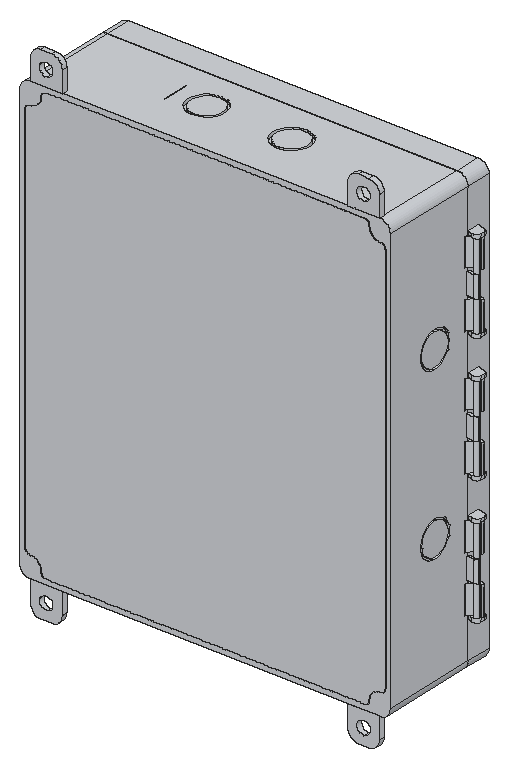
Revit family "Gas-Detectors-Control-Panel_GDCP-Touch_Brasch", category Generic Models, Revit 2023
Family settings
  Can host rebar = No
  Round Connector Dimension = Use Diameter
  Part Type = Normal
  Work Plane-Based = No
  Always vertical = Yes
  Cut with Voids When Loaded = No
  Maintain Annotation Orientation = No
  Shared = No
  Room Calculation Point = No
Parameters (values of type "GDCP-Touch, without any internal sensors")
  WIDTH = 8.72"
  URL = "https://braschenvtech.com/"
  Specification = "https://www.arcat.com/company/brasch-environmental-technologies-52580/spec"
  Product Page URL = "https://www.arcat.com/company/brasch-environmental-technologies-52580"
  Material = Gray
  Manufacturer = "Brasch Environmental Technologies"  # constant formula
  Keynote = "28 42 15"
  Input Voltage = "24 VAC"
  HEIGHT = 10.50"
  Default Elevation = 0.00"
  DEPTH = 2.90"
  Copyright = "@ARCAT"  # constant formula
  CAD Details = "https://www.arcat.com/company/brasch-environmental-technologies-52580/cad"
Reference planes (in)
  plane 1 "Center (Front/Back)": y = 0
  plane 2: z = 0
  plane 3 "Center (Left/Right)": x = 0
Forms (in)
  Extrusion 1, solid
    sketch origin (-4.37285, 0, 10.44843) x (0, 0, 1) y (-1, 0, 0)
      loop
        line (0.05157, -8.195) -> (0.05157, 0.025)
        arc (0.05157, 0.025) -> (-0.02165, 0.20178) -> (-0.19843, 0.275) r 0.25
        line (-0.19843, 0.275) -> (-10.19843, 0.275)
        arc (-10.19843, 0.275) -> (-10.37521, 0.20178) -> (-10.44843, 0.025) r 0.25
        line (-10.44843, 0.025) -> (-10.44843, -8.195)
        arc (-10.44843, -8.195) -> (-10.37521, -8.37178) -> (-10.19843, -8.445) r 0.25
        line (-10.19843, -8.445) -> (-0.19843, -8.445)
        arc (-0.19843, -8.445) -> (-0.02165, -8.37178) -> (0.05157, -8.195) r 0.25
      loop
        arc (-0.06843, -0.34997) -> (-0.10549, -0.26133) -> (-0.19462, -0.22546) r 0.12452
        arc (-0.19462, -0.22546) -> (-0.37407, -0.15113) -> (-0.44841, 0.02833) r 0.25379
        arc (-0.44841, 0.02833) -> (-0.48442, 0.1178) -> (-0.5734, 0.155) r 0.125
        line (-0.5734, 0.155) -> (-9.82346, 0.155)
        arc (-9.82346, 0.155) -> (-9.91244, 0.1178) -> (-9.94845, 0.02833) r 0.125
        arc (-9.94845, 0.02833) -> (-10.02279, -0.15113) -> (-10.20225, -0.22546) r 0.25379
        arc (-10.20225, -0.22546) -> (-10.29137, -0.26133) -> (-10.32843, -0.34997) r 0.12452
        line (-10.32843, -0.34997) -> (-10.32843, -7.82003)
        arc (-10.32843, -7.82003) -> (-10.29137, -7.90867) -> (-10.20225, -7.94454) r 0.12452
        arc (-10.20225, -7.94454) -> (-10.02279, -8.01887) -> (-9.94845, -8.19833) r 0.25379
        arc (-9.94845, -8.19833) -> (-9.91244, -8.2878) -> (-9.82346, -8.325) r 0.125
        line (-9.82346, -8.325) -> (-0.5734, -8.325)
        arc (-0.5734, -8.325) -> (-0.48442, -8.2878) -> (-0.44841, -8.19833) r 0.125
        arc (-0.44841, -8.19833) -> (-0.37407, -8.01887) -> (-0.19462, -7.94454) r 0.25379
        arc (-0.19462, -7.94454) -> (-0.10549, -7.90867) -> (-0.06843, -7.82003) r 0.12452
        line (-0.06843, -7.82003) -> (-0.06843, -0.34997)
    from 0 to -2.331
  Extrusion 2, solid
    sketch origin (0, 0, 0) x (1, 0, 0) y (0, 1, 0)
      loop
        line (4.1498, 2.38521) -> (4.07215, 2.276) -> (4.07215, 2.148)
        arc (4.07215, 2.148) -> (4.07469, 2.16427) -> (4.08205, 2.179) r 0.0535
        line (4.08205, 2.179) -> (4.20394, 2.35045)
        arc (4.20394, 2.35045) -> (4.25204, 2.37527) -> (4.30014, 2.35045) r 0.05902
        line (4.30014, 2.35045) -> (4.33643, 2.35045)
        arc (4.33643, 2.35045) -> (4.35667, 2.35809) -> (4.35724, 2.37971) r 0.01939
        arc (4.35724, 2.37971) -> (4.25498, 2.43774) -> (4.1498, 2.38521) r 0.125
    from 8.58333 to 9.25
  Extrusion 3, solid
    sketch origin (0, 0, -1.33333) x (1, 0, 0) y (0, 1, 0)
      loop
        line (4.1498, 2.38521) -> (4.07215, 2.276) -> (4.07215, 2.148)
        arc (4.07215, 2.148) -> (4.07469, 2.16427) -> (4.08205, 2.179) r 0.0535
        line (4.08205, 2.179) -> (4.20394, 2.35045)
        arc (4.20394, 2.35045) -> (4.25204, 2.37527) -> (4.30014, 2.35045) r 0.05902
        line (4.30014, 2.35045) -> (4.33643, 2.35045)
        arc (4.33643, 2.35045) -> (4.35667, 2.35809) -> (4.35724, 2.37971) r 0.01939
        arc (4.35724, 2.37971) -> (4.25498, 2.43774) -> (4.1498, 2.38521) r 0.125
    from 8.58333 to 9.25
  Extrusion 4, solid
    sketch origin (0, 0, -3) x (1, 0, 0) y (0, 1, 0)
      loop
        line (4.1498, 2.38521) -> (4.07215, 2.276) -> (4.07215, 2.148)
        arc (4.07215, 2.148) -> (4.07469, 2.16427) -> (4.08205, 2.179) r 0.0535
        line (4.08205, 2.179) -> (4.20394, 2.35045)
        arc (4.20394, 2.35045) -> (4.25204, 2.37527) -> (4.30014, 2.35045) r 0.05902
        line (4.30014, 2.35045) -> (4.33643, 2.35045)
        arc (4.33643, 2.35045) -> (4.35667, 2.35809) -> (4.35724, 2.37971) r 0.01939
        arc (4.35724, 2.37971) -> (4.25498, 2.43774) -> (4.1498, 2.38521) r 0.125
    from 8.58333 to 9.25
  Extrusion 5, solid
    sketch origin (0, 0, -4.33333) x (1, 0, 0) y (0, 1, 0)
      loop
        line (4.1498, 2.38521) -> (4.07215, 2.276) -> (4.07215, 2.148)
        arc (4.07215, 2.148) -> (4.07469, 2.16427) -> (4.08205, 2.179) r 0.0535
        line (4.08205, 2.179) -> (4.20394, 2.35045)
        arc (4.20394, 2.35045) -> (4.25204, 2.37527) -> (4.30014, 2.35045) r 0.05902
        line (4.30014, 2.35045) -> (4.33643, 2.35045)
        arc (4.33643, 2.35045) -> (4.35667, 2.35809) -> (4.35724, 2.37971) r 0.01939
        arc (4.35724, 2.37971) -> (4.25498, 2.43774) -> (4.1498, 2.38521) r 0.125
    from 8.58333 to 9.25
  Extrusion 6, solid
    sketch origin (0, 0, -6) x (1, 0, 0) y (0, 1, 0)
      loop
        line (4.1498, 2.38521) -> (4.07215, 2.276) -> (4.07215, 2.148)
        arc (4.07215, 2.148) -> (4.07469, 2.16427) -> (4.08205, 2.179) r 0.0535
        line (4.08205, 2.179) -> (4.20394, 2.35045)
        arc (4.20394, 2.35045) -> (4.25204, 2.37527) -> (4.30014, 2.35045) r 0.05902
        line (4.30014, 2.35045) -> (4.33643, 2.35045)
        arc (4.33643, 2.35045) -> (4.35667, 2.35809) -> (4.35724, 2.37971) r 0.01939
        arc (4.35724, 2.37971) -> (4.25498, 2.43774) -> (4.1498, 2.38521) r 0.125
    from 8.58333 to 9.25
  Extrusion 7, solid
    sketch origin (0, 0, -7.33333) x (1, 0, 0) y (0, 1, 0)
      loop
        line (4.1498, 2.38521) -> (4.07215, 2.276) -> (4.07215, 2.148)
        arc (4.07215, 2.148) -> (4.07469, 2.16427) -> (4.08205, 2.179) r 0.0535
        line (4.08205, 2.179) -> (4.20394, 2.35045)
        arc (4.20394, 2.35045) -> (4.25204, 2.37527) -> (4.30014, 2.35045) r 0.05902
        line (4.30014, 2.35045) -> (4.33643, 2.35045)
        arc (4.33643, 2.35045) -> (4.35667, 2.35809) -> (4.35724, 2.37971) r 0.01939
        arc (4.35724, 2.37971) -> (4.25498, 2.43774) -> (4.1498, 2.38521) r 0.125
    from 8.58333 to 9.25
  Extrusion 8, solid
    sketch origin (0, 0, 0) x (1, 0, 0) y (0, 1, 0)
      loop
        line (4.07215, 2.211) -> (4.27015, 2.211)
        arc (4.27015, 2.211) -> (4.31106, 2.21894) -> (4.34602, 2.24159) r 0.10938
        arc (4.34602, 2.24159) -> (4.3507, 2.26348) -> (4.33215, 2.276) r 0.02
        line (4.33215, 2.276) -> (4.30015, 2.276)
        arc (4.30015, 2.276) -> (4.25165, 2.25147) -> (4.20315, 2.276) r 0.0602
        line (4.20315, 2.276) -> (4.07215, 2.276) -> (4.07215, 2.211)
    from 7.99997 to 8.50003
  Extrusion 9, solid
    sketch origin (0, 0, -3) x (1, 0, 0) y (0, 1, 0)
      loop
        line (4.07215, 2.211) -> (4.27015, 2.211)
        arc (4.27015, 2.211) -> (4.31106, 2.21894) -> (4.34602, 2.24159) r 0.10938
        arc (4.34602, 2.24159) -> (4.3507, 2.26348) -> (4.33215, 2.276) r 0.02
        line (4.33215, 2.276) -> (4.30015, 2.276)
        arc (4.30015, 2.276) -> (4.25165, 2.25147) -> (4.20315, 2.276) r 0.0602
        line (4.20315, 2.276) -> (4.07215, 2.276) -> (4.07215, 2.211)
    from 7.99997 to 8.50003
  Extrusion 10, solid
    sketch origin (0, 0, -6) x (1, 0, 0) y (0, 1, 0)
      loop
        line (4.07215, 2.211) -> (4.27015, 2.211)
        arc (4.27015, 2.211) -> (4.31106, 2.21894) -> (4.34602, 2.24159) r 0.10938
        arc (4.34602, 2.24159) -> (4.3507, 2.26348) -> (4.33215, 2.276) r 0.02
        line (4.33215, 2.276) -> (4.30015, 2.276)
        arc (4.30015, 2.276) -> (4.25165, 2.25147) -> (4.20315, 2.276) r 0.0602
        line (4.20315, 2.276) -> (4.07215, 2.276) -> (4.07215, 2.211)
    from 7.99997 to 8.50003
  Extrusion 11, solid
    sketch origin (-4.1404, 0.12, 0.33138) x (0, 0, -1) y (-1, 0, 0)
      loop
        circle (-9.57553, -6.20256) r 0.14
      loop
        circle (-9.57553, -6.20256) r 0.05482
      loop
        circle (-9.57244, -1.5026) r 0.14
      loop
        circle (-9.57244, -1.5026) r 0.05482
      loop
        circle (-4.87594, -1.50149) r 0.14
      loop
        circle (-4.87594, -1.50149) r 0.05482
      loop
        circle (-4.87612, -6.20255) r 0.14
      loop
        circle (-4.87612, -6.20255) r 0.05482
    from 0 to 2.278
  Extrusion 12, solid
    sketch origin (-2.8954, 0.12, -3.98112) x (0, 0, -1) y (-1, 0, 0)
      loop
        circle (-4.87612, -6.20255) r 0.14
      loop
        circle (-4.87612, -6.20255) r 0.06853
      loop
        circle (-4.87612, -5.58255) r 0.14
      loop
        circle (-4.87612, -5.58255) r 0.06853
      loop
        circle (-4.87612, -2.91755) r 0.14
      loop
        circle (-4.87612, -2.91755) r 0.06853
      loop
        circle (-4.87612, -2.29755) r 0.14
      loop
        circle (-4.87612, -2.29755) r 0.06853
      loop
        circle (-4.87612, 0.98731) r 0.14
      loop
        circle (-4.87612, 0.98731) r 0.06853
      loop
        circle (-12.14112, 0.98745) r 0.14
      loop
        circle (-12.14112, 0.98745) r 0.06853
      loop
        circle (-12.14112, -6.20255) r 0.14
      loop
        circle (-12.14112, -6.20255) r 0.06853
      loop
        circle (-13.34612, -4.25005) r 0.14
      loop
        circle (-13.34612, -4.25005) r 0.06853
      loop
        circle (-13.34612, -0.96505) r 0.14
      loop
        circle (-13.34612, -0.96505) r 0.06853
      loop
        circle (-11.03862, -2.60755) r 0.14
      loop
        circle (-11.03862, -2.60755) r 0.06853
      loop
        circle (-9.48612, -0.96505) r 0.14
      loop
        circle (-9.48612, -0.96505) r 0.06853
      loop
        circle (-9.48612, -4.25005) r 0.14
      loop
        circle (-9.48612, -4.25005) r 0.06853
      loop
        circle (-9.88824, -6.211) r 0.14
      loop
        circle (-9.88824, -6.211) r 0.06853
      loop
        circle (-8.73612, -6.20255) r 0.14
      loop
        circle (-8.73612, -6.20255) r 0.06853
      loop
        circle (-8.73612, -5.58255) r 0.14
      loop
        circle (-8.73612, -5.58255) r 0.06853
      loop
        circle (-8.73612, -2.91755) r 0.14
      loop
        circle (-8.73612, -2.91755) r 0.06853
      loop
        circle (-8.73612, -2.29755) r 0.14
      loop
        circle (-8.73612, -2.29755) r 0.06853
      loop
        circle (-8.73612, 0.98745) r 0.14
      loop
        circle (-8.73612, 0.98745) r 0.06853
      loop
        circle (-9.93612, 0.98745) r 0.14
      loop
        circle (-9.93612, 0.98745) r 0.06853
    from 0 to 0.4
  Extrusion 13, solid
    sketch origin (-2.7504, 0.12, -4.27612) x (0, 0, -1) y (-1, 0, 0)
      loop
        circle (-4.87612, -6.20255) r 0.14
      loop
        circle (-4.87612, -6.20255) r 0.06853
      loop
        circle (-4.87612, 1.27745) r 0.14
      loop
        circle (-4.87612, 1.27745) r 0.06853
      loop
        circle (-14.17612, 1.27745) r 0.14
      loop
        circle (-14.17612, 1.27745) r 0.06853
      loop
        circle (-14.17612, -6.20255) r 0.14
      loop
        circle (-14.17612, -6.20255) r 0.06853
      loop
        circle (-9.52612, -2.46255) r 0.14
      loop
        circle (-9.52612, -2.46255) r 0.06853
    from 0 to 0.2
  Extrusion 14, solid
    sketch origin (1.94394, 0.7353, 5.1325) x (0, 1, 0) y (-1, 0, 0)
      loop
        line (-0.6153, 0.44574) -> (-0.6153, 0.00939) -> (-0.01296, 0.00939) -> (-0.6153, 0.44574)
      loop
        line (0, 4.46357) -> (-0.6153, 4.46357) -> (-0.6153, 4.01783) -> (0, 4.46357)
    from 0 to 0.15
  Extrusion 15, solid
    sketch origin (1.94393, 0.7353, 9.8315) x (0, 1, 0) y (-1, 0, 0)
      loop
        line (-0.6153, 0.44574) -> (-0.6153, 0.00939) -> (-0.01296, 0.00939) -> (-0.6153, 0.44574)
      loop
        line (0, 4.46357) -> (-0.6153, 4.46357) -> (-0.6153, 4.01783) -> (0, 4.46357)
    from 0 to 0.15
  Extrusion 16, solid
    sketch origin (-2.56285, 0.7353, 5.32572) x (0, 0, -1) y (0, 1, 0)
      loop
        line (0, 0) -> (-0.44574, -0.6153) -> (0, -0.6153) -> (0, 0)
      loop
        line (-4.46357, -0.6153) -> (-4.01683, -0.6153) -> (-4.46357, 0.00138) -> (-4.46357, -0.6153)
    from 0 to -0.15
  Extrusion 17, solid
    sketch origin (2.13635, 0.7353, 5.32572) x (0, 0, -1) y (0, 1, 0)
      loop
        line (0, 0) -> (-0.44574, -0.6153) -> (0, -0.6153) -> (0, 0)
      loop
        line (-4.46357, -0.6153) -> (-4.01683, -0.6153) -> (-4.46357, 0.00138) -> (-4.46357, -0.6153)
    from 0 to -0.15
  Extrusion 18, solid
    sketch origin (-4.1404, 0.12, 0.33138) x (0, 0, -1) y (-1, 0, 0)
      loop
        line (-10.04862, -0.11752) -> (-10.04862, -7.58759)
        arc (-10.04862, -7.58759) -> (-10.01156, -7.67622) -> (-9.92244, -7.7121) r 0.12452
        arc (-9.92244, -7.7121) -> (-9.74298, -7.78643) -> (-9.66864, -7.96589) r 0.25379
        arc (-9.66864, -7.96589) -> (-9.63263, -8.05535) -> (-9.54366, -8.09256) r 0.125
        line (-9.54366, -8.09256) -> (-0.29359, -8.09256)
        arc (-0.29359, -8.09256) -> (-0.20461, -8.05535) -> (-0.1686, -7.96589) r 0.125
        arc (-0.1686, -7.96589) -> (-0.09427, -7.78643) -> (0.08519, -7.7121) r 0.25379
        arc (0.08519, -7.7121) -> (0.17432, -7.67622) -> (0.21138, -7.58759) r 0.12452
        line (0.21138, -7.58759) -> (0.21138, -0.11752)
        arc (0.21138, -0.11752) -> (0.17432, -0.02889) -> (0.08519, 0.00698) r 0.12452
        arc (0.08519, 0.00698) -> (-0.09427, 0.08132) -> (-0.1686, 0.26078) r 0.25379
        arc (-0.1686, 0.26078) -> (-0.20461, 0.35024) -> (-0.29359, 0.38744) r 0.125
        line (-0.29359, 0.38744) -> (-9.54366, 0.38744)
        arc (-9.54366, 0.38744) -> (-9.63263, 0.35024) -> (-9.66864, 0.26078) r 0.125
        arc (-9.66864, 0.26078) -> (-9.74298, 0.08132) -> (-9.92244, 0.00698) r 0.25379
        arc (-9.92244, 0.00698) -> (-10.01156, -0.02889) -> (-10.04862, -0.11752) r 0.12452
    from 0 to -0.12
  Extrusion 19, solid
    sketch origin (-4.1404, 0.12, 0.33138) x (0, 0, -1) y (-1, 0, 0)
      loop
        line (0.83138, 0.25744) -> (0.33138, 0.25744) -> (0.33138, -0.49256) -> (0.83138, -0.49256)
        arc (0.83138, -0.49256) -> (1.00815, -0.41933) -> (1.08138, -0.24256) r 0.25
        line (1.08138, -0.24256) -> (1.08138, 0.00744)
        arc (1.08138, 0.00744) -> (1.00815, 0.18422) -> (0.83138, 0.25744) r 0.25
      loop
        line (0.83138, -7.21256) -> (0.33138, -7.21256) -> (0.33138, -7.96256) -> (0.83138, -7.96256)
        arc (0.83138, -7.96256) -> (1.00815, -7.88933) -> (1.08138, -7.71256) r 0.25
        line (1.08138, -7.71256) -> (1.08138, -7.46256)
        arc (1.08138, -7.46256) -> (1.00815, -7.28578) -> (0.83138, -7.21256) r 0.25
      loop
        circle (0.70638, -0.11756) r 0.16
      loop
        circle (0.70638, -7.58756) r 0.16
      loop
        arc (-10.66862, 0.25744) -> (-10.8454, 0.18422) -> (-10.91862, 0.00744) r 0.25
        line (-10.91862, 0.00744) -> (-10.91862, -0.24256)
        arc (-10.91862, -0.24256) -> (-10.8454, -0.41933) -> (-10.66862, -0.49256) r 0.25
        line (-10.66862, -0.49256) -> (-10.16862, -0.49256) -> (-10.16862, 0.25744) -> (-10.66862, 0.25744)
      loop
        arc (-10.66862, -7.21256) -> (-10.8454, -7.28578) -> (-10.91862, -7.46256) r 0.25
        line (-10.91862, -7.46256) -> (-10.91862, -7.71256)
        arc (-10.91862, -7.71256) -> (-10.8454, -7.88933) -> (-10.66862, -7.96256) r 0.25
        line (-10.66862, -7.96256) -> (-10.16862, -7.96256) -> (-10.16862, -7.21256) -> (-10.66862, -7.21256)
      loop
        circle (-10.54362, -0.11756) r 0.16
      loop
        circle (-10.54362, -7.58756) r 0.16
    from 0 to -0.12
  Extrusion 20, void
    sketch origin (-4.64785, 0, 10.25) x (0, 0, 1) y (0, -1, 0)
      loop
        circle (-3, -1.3) r 0.4375
      loop
        circle (-3, -1.3) r 0.375
      loop
        circle (-7.00175, -1.30665) r 0.4375
      loop
        circle (-7.00175, -1.30665) r 0.375
    from 0 to 0.066
  Extrusion 21, void
    sketch origin (4.07215, 0, 10.25) x (0, 0, 1) y (0, 1, 0)
      loop
        circle (-3, 1.3) r 0.4375
      loop
        circle (-3, 1.3) r 0.375
      loop
        circle (-7.00175, 1.30665) r 0.4375
      loop
        circle (-7.00175, 1.30665) r 0.375
    from 0 to 0.066
  Extrusion 22, void
    sketch origin (3.82215, 0, 10.5) x (0, -1, 0) y (-1, 0, 0)
      loop
        circle (-1.3, 3.11) r 0.4375
      loop
        circle (-1.3, 3.11) r 0.375
      loop
        circle (-1.3, 5.11) r 0.4375
      loop
        circle (-1.3, 5.11) r 0.375
    from 0 to 0.066
  Extrusion 23, void
    sketch origin (3.82215, 0, 0) x (1, 0, 0) y (0, 1, 0)
      loop
        circle (-4.11, 1.3) r 0.4375
      loop
        circle (-4.11, 1.3) r 0.375
      loop
        circle (-6.11, 1.3) r 0.4375
      loop
        circle (-6.11, 1.3) r 0.375
      loop
        circle (-2.11, 1.3) r 0.4375
      loop
        circle (-2.11, 1.3) r 0.375
    from 0 to 0.066
  Extrusion 24, void
    sketch origin (-4.1404, 0.12, 0.33138) x (0, 0, 1) y (-1, 0, 0)
      loop
        circle (9.91862, -7.96256) r 0.095
      loop
        circle (9.91862, 0.25744) r 0.095
      loop
        circle (-0.08138, 0.25744) r 0.095
      loop
        circle (-0.08138, -7.96256) r 0.095
    from 0 to -2.211
  Extrusion 25, void
    sketch origin (-4.1404, 0.12, 0.33138) x (0, 0, 1) y (-1, 0, 0)
      loop
        arc (0.11752, -7.96526) -> (0.1677, -8.08884) -> (0.2908, -8.14017) r 0.17328
        line (0.2908, -8.14017) -> (9.53397, -8.14017)
        arc (9.53397, -8.14017) -> (9.65805, -8.08761) -> (9.70665, -7.96192) r 0.17276
        arc (9.70665, -7.96192) -> (9.76671, -7.81193) -> (9.91574, -7.74951) r 0.20912
        arc (9.91574, -7.74951) -> (10.05002, -7.70032) -> (10.10658, -7.56896) r 0.18083
        line (10.10658, -7.56896) -> (10.10658, -0.1171)
        arc (10.10658, -0.1171) -> (10.06269, 0.00019) -> (9.95259, 0.05987) r 0.17868
        arc (9.95259, 0.05987) -> (9.79087, 0.1073) -> (9.72085, 0.2606) r 0.2028
        arc (9.72085, 0.2606) -> (9.67059, 0.38594) -> (9.54602, 0.43809) r 0.17486
        line (9.54602, 0.43809) -> (0.29665, 0.43809)
        arc (0.29665, 0.43809) -> (0.17157, 0.3861) -> (0.12017, 0.26078) r 0.17649
        arc (0.12017, 0.26078) -> (0.06099, 0.11654) -> (-0.08244, 0.05543) r 0.20536
        arc (-0.08244, 0.05543) -> (-0.20825, 0.00618) -> (-0.26095, -0.11821) r 0.1741
        line (-0.26095, -0.11821) -> (-0.26095, -7.58775)
        arc (-0.26095, -7.58775) -> (-0.20934, -7.71155) -> (-0.08507, -7.76202) r 0.17428
        arc (-0.08507, -7.76202) -> (0.05822, -7.82177) -> (0.11752, -7.96526) r 0.20324
      loop
        line (-0.33138, 0.25744) -> (-0.33138, -7.96256)
        arc (-0.33138, -7.96256) -> (-0.25815, -8.13933) -> (-0.08138, -8.21256) r 0.25
        line (-0.08138, -8.21256) -> (9.91862, -8.21256)
        arc (9.91862, -8.21256) -> (10.0954, -8.13933) -> (10.16862, -7.96256) r 0.25
        line (10.16862, -7.96256) -> (10.16862, 0.25744)
        arc (10.16862, 0.25744) -> (10.0954, 0.43422) -> (9.91862, 0.50744) r 0.25
        line (9.91862, 0.50744) -> (-0.08138, 0.50744)
        arc (-0.08138, 0.50744) -> (-0.25815, 0.43422) -> (-0.33138, 0.25744) r 0.25
    from -2.156 to -2.211
Cuts and joins
  Extrusion 20, Extrusion 21, Extrusion 22, Extrusion 23, Extrusion 24, Extrusion 25 cuts Extrusion 1
Dimensions and locks (in)
  aligned and locked: plane 2 to level
Nested families (in)
  nested 1: "GDCP lid" at (-0.28689, 2.77823, 0) x (-1, 0, 0) z (0, 0, 1), type "GDCP lid"
Definition of nested family "GDCP lid"
  Parameters
    Default Elevation = 0.00"
  Reference planes (in)
    plane 1 "Center (Front/Back)": y = 0
    plane 2: z = 0
    plane 3 "Center (Left/Right)": x = 0
  Forms (in)
    Extrusion 1, solid
      sketch origin (3.15, 0.11, 9.8) x (0, 0, 1) y (1, 0, 0)
        loop
          line (0.7, -7.26) -> (0.7, 0.96)
          arc (0.7, 0.96) -> (0.62678, 1.13678) -> (0.45, 1.21) r 0.25
          line (0.45, 1.21) -> (-9.55, 1.21)
          arc (-9.55, 1.21) -> (-9.72678, 1.13678) -> (-9.8, 0.96) r 0.25
          line (-9.8, 0.96) -> (-9.8, -7.26)
          arc (-9.8, -7.26) -> (-9.72678, -7.43678) -> (-9.55, -7.51) r 0.25
          line (-9.55, -7.51) -> (0.45, -7.51)
          arc (0.45, -7.51) -> (0.62678, -7.43678) -> (0.7, -7.26) r 0.25
        loop
          arc (0.48, 0.58503) -> (0.19365, 0.70365) -> (0.07503, 0.99) r 0.40497
          line (0.07503, 0.99) -> (-9.17503, 0.99)
          arc (-9.17503, 0.99) -> (-9.29365, 0.70365) -> (-9.58, 0.58503) r 0.40497
          line (-9.58, 0.58503) -> (-9.58, -6.88503)
          arc (-9.58, -6.88503) -> (-9.29365, -7.00365) -> (-9.17503, -7.29) r 0.40497
          line (-9.17503, -7.29) -> (0.07503, -7.29)
          arc (0.07503, -7.29) -> (0.19365, -7.00365) -> (0.48, -6.88503) r 0.40497
          line (0.48, -6.88503) -> (0.48, 0.58503)
      from 0 to -0.61
    Extrusion 2, solid
      sketch origin (3.15, 0.11, 9.8) x (0, 0, 1) y (1, 0, 0)
        loop
          line (0.07503, 0.99) -> (-9.17503, 0.99)
          arc (-9.17503, 0.99) -> (-9.29365, 0.70365) -> (-9.58, 0.58503) r 0.40497
          line (-9.58, 0.58503) -> (-9.58, -6.88503)
          arc (-9.58, -6.88503) -> (-9.29365, -7.00365) -> (-9.17503, -7.29) r 0.40497
          line (-9.17503, -7.29) -> (0.07503, -7.29)
          arc (0.07503, -7.29) -> (0.19365, -7.00365) -> (0.48, -6.88503) r 0.40497
          line (0.48, -6.88503) -> (0.48, 0.58503)
          arc (0.48, 0.58503) -> (0.19365, 0.70365) -> (0.07503, 0.99) r 0.40497
      from 0 to -0.11
    Extrusion 3, void
      sketch origin (3.15, 0.11, 9.8) x (0, 0, 1) y (1, 0, 0)
        loop
          line (-9.17396, -7.345) -> (0.07503, -7.345)
          arc (0.07503, -7.345) -> (0.13236, -7.32126) -> (0.1561, -7.26393) r 0.08107
          arc (0.1561, -7.26393) -> (0.25319, -7.04324) -> (0.47998, -6.96138) r 0.30599
          arc (0.47998, -6.96138) -> (0.51645, -6.93752) -> (0.535, -6.8981) r 0.08
          line (0.535, -6.8981) -> (0.535, 0.5981)
          arc (0.535, 0.5981) -> (0.51645, 0.63752) -> (0.47998, 0.66138) r 0.08
          arc (0.47998, 0.66138) -> (0.25319, 0.74324) -> (0.1561, 0.96393) r 0.30599
          arc (0.1561, 0.96393) -> (0.13236, 1.02126) -> (0.07503, 1.045) r 0.08107
          line (0.07503, 1.045) -> (-9.17396, 1.045)
          arc (-9.17396, 1.045) -> (-9.23128, 1.02126) -> (-9.25503, 0.96393) r 0.08107
          arc (-9.25503, 0.96393) -> (-9.35212, 0.74324) -> (-9.57891, 0.66138) r 0.30599
          arc (-9.57891, 0.66138) -> (-9.61947, 0.6324) -> (-9.635, 0.58503) r 0.08
          line (-9.635, 0.58503) -> (-9.635, -6.88503)
          arc (-9.635, -6.88503) -> (-9.61947, -6.9324) -> (-9.57891, -6.96138) r 0.08
          arc (-9.57891, -6.96138) -> (-9.35212, -7.04324) -> (-9.25503, -7.26393) r 0.30599
          arc (-9.25503, -7.26393) -> (-9.23128, -7.32126) -> (-9.17396, -7.345) r 0.08107
        loop
          arc (0.07611, -7.445) -> (0.18268, -7.41006) -> (0.24788, -7.31879) r 0.18
          arc (0.24788, -7.31879) -> (0.31568, -7.1246) -> (0.50987, -7.05681) r 0.23668
          arc (0.50987, -7.05681) -> (0.60673, -6.98353) -> (0.635, -6.8654) r 0.18
          line (0.635, -6.8654) -> (0.635, 0.5654)
          arc (0.635, 0.5654) -> (0.60673, 0.68353) -> (0.50987, 0.75681) r 0.18
          arc (0.50987, 0.75681) -> (0.31568, 0.8246) -> (0.24788, 1.01879) r 0.23668
          arc (0.24788, 1.01879) -> (0.18268, 1.11006) -> (0.07611, 1.145) r 0.18
          line (0.07611, 1.145) -> (-9.17503, 1.145)
          arc (-9.17503, 1.145) -> (-9.28161, 1.11006) -> (-9.34681, 1.01879) r 0.18
          arc (-9.34681, 1.01879) -> (-9.4146, 0.8246) -> (-9.60879, 0.75681) r 0.23668
          arc (-9.60879, 0.75681) -> (-9.70006, 0.69161) -> (-9.735, 0.58503) r 0.18
          line (-9.735, 0.58503) -> (-9.735, -6.88503)
          arc (-9.735, -6.88503) -> (-9.70006, -6.99161) -> (-9.60879, -7.05681) r 0.18
          arc (-9.60879, -7.05681) -> (-9.4146, -7.1246) -> (-9.34681, -7.31879) r 0.23668
          arc (-9.34681, -7.31879) -> (-9.28161, -7.41006) -> (-9.17503, -7.445) r 0.18
          line (-9.17503, -7.445) -> (0.07611, -7.445)
      from -0.61 to -0.512
    Extrusion 4, void
      sketch origin (3.15, 0.11, 9.8) x (0, 0, 1) y (1, 0, 0)
        loop
          circle (0.45, -7.26) r 0.0705
        loop
          circle (0.45, 0.96) r 0.0705
        loop
          circle (-9.55, 0.96) r 0.0705
        loop
          circle (-9.55, -7.26) r 0.0705
      from -0.04 to -0.61
    Extrusion 5, solid
      sketch origin (-4.505, -0.40438, 9.2625) x (0, 1, 0) y (-1, 0, 0)
        loop
          arc (0.11037, 0.08715) -> (0.08218, 0.12192) -> (0.03938, 0.135) r 0.07659
          line (0.03938, 0.135) -> (-0.06062, 0.135)
          arc (-0.06062, 0.135) -> (-0.14355, 0.09089) -> (-0.15331, -0.00253) r 0.1
          line (-0.15331, -0.00253) -> (-0.09562, -0.145) -> (0.20438, -0.145) -> (0.11037, 0.08715)
      from 0 to 0.075
    Extrusion 6, solid
      sketch origin (-4.505, -0.40438, 7.1525) x (0, 1, 0) y (-1, 0, 0)
        loop
          arc (0.11037, 0.08715) -> (0.08218, 0.12192) -> (0.03938, 0.135) r 0.07659
          line (0.03938, 0.135) -> (-0.06062, 0.135)
          arc (-0.06062, 0.135) -> (-0.14355, 0.09089) -> (-0.15331, -0.00253) r 0.1
          line (-0.15331, -0.00253) -> (-0.09562, -0.145) -> (0.20438, -0.145) -> (0.11037, 0.08715)
      from 0.01 to 0.085
    Extrusion 7, solid
      sketch origin (-4.505, -0.40438, 9.2625) x (0, 1, 0) y (-1, 0, 0)
        loop
          circle (-0.06062, 0.03503) r 0.06027
      from -2.025 to 0
    Extrusion 8, solid
      sketch origin (-4.505, -0.40438, 6.2625) x (0, 1, 0) y (-1, 0, 0)
        loop
          arc (0.11037, 0.08715) -> (0.08218, 0.12192) -> (0.03938, 0.135) r 0.07659
          line (0.03938, 0.135) -> (-0.06062, 0.135)
          arc (-0.06062, 0.135) -> (-0.14355, 0.09089) -> (-0.15331, -0.00253) r 0.1
          line (-0.15331, -0.00253) -> (-0.09562, -0.145) -> (0.20438, -0.145) -> (0.11037, 0.08715)
      from 0 to 0.075
    Extrusion 9, solid
      sketch origin (-4.505, -0.40438, 4.1525) x (0, 1, 0) y (-1, 0, 0)
        loop
          arc (0.11037, 0.08715) -> (0.08218, 0.12192) -> (0.03938, 0.135) r 0.07659
          line (0.03938, 0.135) -> (-0.06062, 0.135)
          arc (-0.06062, 0.135) -> (-0.14355, 0.09089) -> (-0.15331, -0.00253) r 0.1
          line (-0.15331, -0.00253) -> (-0.09562, -0.145) -> (0.20438, -0.145) -> (0.11037, 0.08715)
      from 0.01 to 0.085
    Extrusion 10, solid
      sketch origin (-4.505, -0.40438, 6.2625) x (0, 1, 0) y (-1, 0, 0)
        loop
          circle (-0.06062, 0.03503) r 0.06027
      from -2.025 to 0
    Extrusion 11, solid
      sketch origin (-4.505, -0.40438, 3.2625) x (0, 1, 0) y (-1, 0, 0)
        loop
          arc (0.11037, 0.08715) -> (0.08218, 0.12192) -> (0.03938, 0.135) r 0.07659
          line (0.03938, 0.135) -> (-0.06062, 0.135)
          arc (-0.06062, 0.135) -> (-0.14355, 0.09089) -> (-0.15331, -0.00253) r 0.1
          line (-0.15331, -0.00253) -> (-0.09562, -0.145) -> (0.20438, -0.145) -> (0.11037, 0.08715)
      from 0 to 0.075
    Extrusion 12, solid
      sketch origin (-4.505, -0.40438, 1.1525) x (0, 1, 0) y (-1, 0, 0)
        loop
          arc (0.11037, 0.08715) -> (0.08218, 0.12192) -> (0.03938, 0.135) r 0.07659
          line (0.03938, 0.135) -> (-0.06062, 0.135)
          arc (-0.06062, 0.135) -> (-0.14355, 0.09089) -> (-0.15331, -0.00253) r 0.1
          line (-0.15331, -0.00253) -> (-0.09562, -0.145) -> (0.20438, -0.145) -> (0.11037, 0.08715)
      from 0.01 to 0.085
    Extrusion 13, solid
      sketch origin (-4.505, -0.40438, 3.2625) x (0, 1, 0) y (-1, 0, 0)
        loop
          circle (-0.06062, 0.03503) r 0.06027
      from -2.025 to 0
    Extrusion 14, void
      sketch origin (4.24673, 0.12, 10.20024) x (0, 0, 1) y (1, 0, 0)
        loop
          circle (0.04976, -0.13673) r 0.1455
        loop
          circle (-9.95024, -0.13673) r 0.1455
      from 0 to -0.05
  Cuts and joins
    Extrusion 3, Extrusion 4, Extrusion 14 cuts Extrusion 1
  Dimensions and locks (in)
    aligned and locked: plane 2 to level
